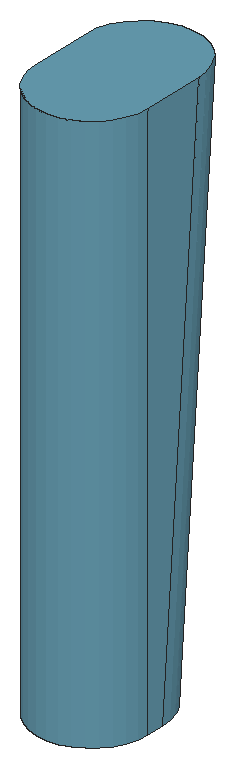
Revit family "CT_Pilar_Con_Oval_Asim", category Structural Columns, Revit 2025
Family settings
  Display in Hidden Views = Edges Hidden by Other Members
  Section Shape = Not Defined
  Material for Model Behavior = Concrete
  Always export as geometry = No
  Beam cutback in plan = From geometry
  OmniClass Number = 23.25.30.11.14.11
  OmniClass Title = Columns
  Cut with Voids When Loaded = No
  Symbolic Representation = From Family
  Shared = No
  Show family pre-cut in plan views = Yes
Parameters (values of type "PIL_050_BLC_CON_OAS")
  h = 500 mm
  b = 500 mm
  Structural Material [instance] = CT_Concreto_Pilotis
  Material_Vigas = CT_Concreto_Pilotis
  Deslocamento_do_Eixo [instance] = 350 mm
Reference planes
  plane 1 "Center (Front/Back)": y = 0
  plane 2: z = 0
  plane 3 "Center (Left/Right)": x = 0
  plane 4: x = -250
  plane 5: x = 250
  plane 6: y = -350
Forms (mm)
  Blend 1, solid, material "CT_Concreto_Pilotis" <- "Structural Material"
    base sketch origin (0, 0, 0) x (1, 0, 0) y (0, 1, 0)
      loop
        line (-250, 41.51) -> (-250, -41.51)
        arc (-250, -41.51) -> (0, -291.51) -> (250, -41.51) r 250
        line (250, -41.51) -> (250, 41.51)
        arc (250, 41.51) -> (0, 291.51) -> (-250, 41.51) r 250
    top sketch origin (0, 0, 0) x (1, 0, 0) y (0, 1, 0)
      loop
        arc (250, 239.263) -> (0, 489.263) -> (-250, 239.263) r 250
        line (-250, 239.263) -> (-250, -41.51)
        arc (-250, -41.51) -> (0, -291.51) -> (250, -41.51) r 250
        line (250, -41.51) -> (250, 239.263)
    from 0 to 2500
Dimensions and locks
  equal spacing: plane 4, plane 3 "Center (Left/Right)", plane 5
  "b": plane 4 to plane 5
  "Deslocamento_do_Eixo": plane 6 to plane 1 "Center (Front/Back)"
  aligned and locked: level to plane 2
  aligned and locked: level to Blend 1
Automatic sketch dimensions
  Blend 1 sketch curve to plane 4 = 0 mm  (x2)
  Blend 1 sketch curve to plane 3 "Center (Left/Right)" = 0 mm  (x2)
  plane 1 "Center (Front/Back)" to Blend 1 sketch curve = 41.51 mm  (x2)
  Blend 1 sketch curve to plane 1 "Center (Front/Back)" = 41.51 mm
  Blend 1 sketch curve to plane 1 "Center (Front/Back)" = 239.263 mm
